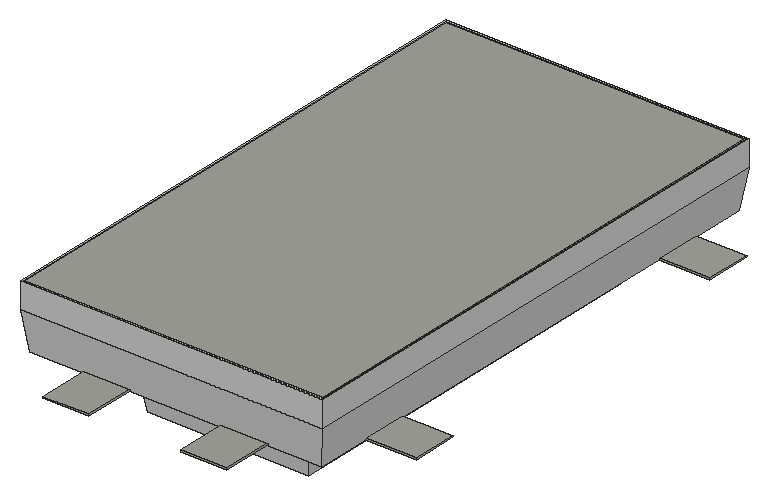
Revit family "ME_ST_WPB_Urbanfil_Pavermate_single_part_Access_Cover_ACO", category Mechanical Equipment, Revit 2023
Family settings
  Round Connector Dimension = Use Diameter
  Part Type = Normal
  OmniClass Number = 23.35.50.27.11.11
  OmniClass Title = Access Floors, Frames
  Work Plane-Based = Yes
  Always vertical = No
  Cut with Voids When Loaded = No
  Maintain Annotation Orientation = No
  Shared = Yes
  Room Calculation Point = No
Parameters (values of type "Pavermate_PM24B_200x450")
  y [instance] = frame_dimesion_D - 110 mm  # 220 mm
  x [instance] = frame_dimesion_C - 110 mm  # 470 mm
  type_index = 1
  solids_visible_2 [instance] = 1 = 1  # yes
  net_mass_S_ANZRS [instance] = if(LOD400, size_lookup(lookuptable_name, "ma", 0.00 kg, type_index, material_index), 0.00 kg)  # 13.00 kg
  material_index = size_lookup(lookuptable_name, "mi", 0, type_index)  # 1
  material_C_ANZRS = Steel, Carbon
  material_02_C_ANZRS = Concrete, Grey
  material_01_C_ANZRS = Steel, Galvanised
  Universal Lifting key [instance] = yes
  intended_use_C_ANZRS [instance] = if(region_index = 1, "Drainage systems", if(region_index = 2, "Entwässerungssysteme", if(region_index = 3, "Afvoersystemen", "0")))  # "Drainage systems"
  instructions_for_use = "https://www.acoaccess.com.au/products/urbanfil-pavermate-deep-pan-access-covers/"
  installation_manual = "https://www.acoaccess.com.au/products/urbanfil-pavermate-deep-pan-access-covers/"
  info_technical_C_ANZRS = "https://www.acoaccess.com.au/products/urbanfil-pavermate-deep-pan-access-covers/"
  info_commercial_C_ANZRS = "https://www.acoaccess.com.au/products/urbanfil-pavermate-deep-pan-access-covers/"
  height_C_ANZRS [instance] = size_lookup(lookuptable_name, "F", 0 mm, type_index, material_index)  # 70 mm
  height_01_C_ANZRS [instance] = size_lookup(lookuptable_name, "H", 0 mm, type_index, material_index)  # 135 mm
  description_C_ANZRS [instance] = if(LOD400, size_lookup(lookuptable_name, "di", "0", type_index, material_index), "Generic Access Cover")  # "ACO Pavermate Single Part 200x450 Cover (Type PM24B)"
  content_version_C_ANZRS = "1.0"  # constant formula
  content_date_changed_C_ANZRS = "11-07-2025"  # constant formula
  content_creator_C_ANZRS = "ACO Technology Centre, INDIA"  # constant formula
  code_specification_URL_C_ANZRS = "https://www.acoaccess.com.au/products/urbanfil-pavermate-deep-pan-access-covers/"
  code_article_C_ANZRS [instance] = if(LOD400, size_lookup(lookuptable_name, "", "0", type_index, material_index), "Generic Access Cover")  # "80151"
  URL = "https://www.acoaccess.com.au/"
  Type IFC Predefined Type = "USERDEFINED"
  frame_dimesion_D [instance] = size_lookup(lookuptable_name, "D", 0 mm, type_index, material_index)  # 330 mm
  frame_dimesion_C [instance] = size_lookup(lookuptable_name, "C", 0 mm, type_index, material_index)  # 580 mm
  product_index [instance] = size_lookup(lookuptable_name, "pi", 0, type_index, material_index)  # 1
  lookuptable_name = "urbanfil_pavermate"  # constant formula
  clear_area_B [instance] = size_lookup(lookuptable_name, "B", 0 mm, type_index, material_index)  # 450 mm
  Type Comments = "-"  # constant formula
  productrange = "Access Covers"  # constant formula
  region_index = 1  # constant formula
  desc_uk [instance] = if(LOD400, size_lookup(lookuptable_name, "di", "0", type_index, material_index), "Generic Access Cover")  # "ACO Pavermate Single Part 200x450 Cover (Type PM24B)"
  Model = if(LOD400, "Urbanfil- Pavermate (deep pan access covers)", "Generic Cover")  # "Urbanfil- Pavermate (deep pan access covers)"
  Manufacturer = if(LOD400, "ACO", "Generic")  # "ACO"
  Locking key [instance] = yes
  LOD400 = yes
  LOD300 = not(LOD400)  # no
  LOD = if(LOD400, "LOD 400", "LOD 300")  # "LOD 400"
  IfcDescription = Description  # "ACO Urbanfil- Pavermate (deep pan access covers)"
  Export Type to IFC As = "IfcBuildingElementProxy "
  Distance between two bars_C [instance] = frame_dimesion_C / 2  # 290 mm
  Distance between two bars_D [instance] = frame_dimesion_D / 2 - 30 mm  # 135 mm
  Description = if(LOD400, "ACO Urbanfil- Pavermate (deep pan access covers)", "Generic Cover")  # "ACO Urbanfil- Pavermate (deep pan access covers)"
  Default Elevation = 0 mm
  clear_area_A [instance] = size_lookup(lookuptable_name, "A", 0 mm, type_index, material_index)  # 200 mm
  Concrete anchors distance D [instance] = frame_dimesion_D + 100 mm  # 430 mm
  Concrete anchors distance C [instance] = frame_dimesion_C + 100 mm  # 680 mm
  12mm reinforcing bars [instance] = 12 mm  # constant formula
Types (12, lengths in mm): name | y | x | type_index | net_mass_S_ANZRS | description_C_ANZRS | code_article_C_ANZRS | frame_dimesion_D | frame_dimesion_C | product_index | clear_area_B | desc_uk | Distance between two bars_C | Distance between two bars_D | clear_area_A | Concrete anchors distance D | Concrete anchors distance C
  Pavermate_PM24B_200x450 | 220 | 470 | 1 | 13.00 kg | "ACO Pavermate Single Part 200x450 Cover (Type PM24B)" | "80151" | 330 | 580 | 1 | 450 | "ACO Pavermate Single Part 200x450 Cover (Type PM24B)" | 290 | 135 | 200 | 430 | 680
  Pavermate_PM33B_300x300 | 320 | 320 | 2 | 12.50 kg | "ACO Pavermate Single Part 300x300 Cover (Type PM33B)" | "81297" | 430 | 430 | 2 | 300 | "ACO Pavermate Single Part 300x300 Cover (Type PM33B)" | 215 | 185 | 300 | 530 | 530
  Pavermate_PM36B_300x600 | 320 | 620 | 3 | 16.00 kg | "ACO Pavermate Single Part 300x600 Cover (Type PM36B)" | "81340" | 430 | 730 | 3 | 600 | "ACO Pavermate Single Part 300x600 Cover (Type PM36B)" | 365 | 185 | 300 | 530 | 830
  Pavermate_PM365B_350x650 | 370 | 670 | 4 | 17.00 kg | "ACO Pavermate Single Part 300x650 Cover (Type PM365B)" | "80451" | 480 | 780 | 4 | 650 | "ACO Pavermate Single Part 300x650 Cover (Type PM365B)" | 390 | 210 | 350 | 580 | 880
  Pavermate_PM44B_450x450 | 470 | 470 | 5 | 17.00 kg | "ACO Pavermate Single Part 450x450 Cover (Type PM44B)" | "81305" | 580 | 580 | 5 | 450 | "ACO Pavermate Single Part 450x450 Cover (Type PM44B)" | 290 | 260 | 450 | 680 | 680
  Pavermate_PM46B_450x600 | 470 | 620 | 6 | 18.90 kg | "ACO Pavermate Single Part 450x600 Cover (Type PM46B)" | "81312" | 580 | 730 | 6 | 600 | "ACO Pavermate Single Part 450x600 Cover (Type PM46B)" | 365 | 260 | 450 | 680 | 830
  Pavermate_PM66B_600x600 | 620 | 620 | 7 | 21.90 kg | "ACO Pavermate Single Part 600x600 Cover (Type PM66B)" | "81948" | 730 | 730 | 7 | 600 | "ACO Pavermate Single Part 600x600 Cover (Type PM66B)" | 365 | 335 | 600 | 830 | 830
  Pavermate_PM67B_600x750 | 620 | 770 | 8 | 25.40 kg | "ACO Pavermate Single Part 600x750 Cover (Type PM67B)" | "81353" | 730 | 880 | 8 | 750 | "ACO Pavermate Single Part 600x750 Cover (Type PM67B)" | 440 | 335 | 600 | 830 | 980
  Pavermate_PM69B_600x900 | 620 | 920 | 9 | 28.30 kg | "ACO Pavermate Single Part 600x900 Cover (Type PM69B)" | "81364" | 730 | 1030 | 9 | 900 | "ACO Pavermate Single Part 600x900 Cover (Type PM69B)" | 515 | 335 | 600 | 830 | 1130
  Pavermate_PM77B_750x750 | 770 | 770 | 10 | 28.90 kg | "ACO Pavermate Single Part 750x750 Cover (Type PM77B)" | "81372" | 880 | 880 | 10 | 750 | "ACO Pavermate Single Part 750x750 Cover (Type PM77B)" | 440 | 410 | 750 | 980 | 980
  Pavermate_PM94B_900x450 | 920 | 470 | 11 | 25.50 kg | "ACO Pavermate Single Part 900x450 Cover (Type PM94B)" | "81338" | 1030 | 580 | 11 | 450 | "ACO Pavermate Single Part 900x450 Cover (Type PM94B)" | 290 | 485 | 900 | 1130 | 680
  Pavermate_PM99B_900x900 | 920 | 920 | 12 | 36.00 kg | "ACO Pavermate Single Part 900x900 Cover (Type PM99B)" | "81992" | 1030 | 1030 | 12 | 900 | "ACO Pavermate Single Part 900x900 Cover (Type PM99B)" | 515 | 485 | 900 | 1130 | 1130
Reference planes
  plane 1 "Center (Front/Back)": y = 0
  plane 2: z = 0
  plane 3 "Center (Left/Right)": x = 0
  plane 4 "perforated_218": z = 0
  plane 5: z = -5
  plane 6: z = -70
  plane 7: y = 200
  plane 8: y = -200
  plane 9: x = -165
  plane 10: x = 165
  plane 11: y = 290
  plane 12: y = -290
  plane 13: x = -100
  plane 14: x = 100
  plane 15: y = 225
  plane 16: y = -225
  plane 17: x = -215
  plane 18: y = -340
  plane 19: x = 215
  plane 20: y = 340
  plane 21: z = -100
  plane 22: z = -58.797
  plane 23: y = -145
  plane 24: y = 145
  plane 25: z = -112
Forms (mm)
  Extrusion 1, solid, material "Concrete, Grey" <- "material_02_C_ANZRS"
    sketch origin (-1351.99, -1524, -70) x (-1, 0, 0) y (0, -1, 0)
      loop
        line (-1251.99, -1258) -> (-1251.99, -1184) -> (-1301.99, -1184) -> (-1301.99, -1258) -> (-1251.99, -1258)
      loop
        line (-1451.99, -1184) -> (-1451.99, -1258) -> (-1401.99, -1258) -> (-1401.99, -1184) -> (-1451.99, -1184)
      loop
        line (-1251.99, -1864) -> (-1251.99, -1790) -> (-1301.99, -1790) -> (-1301.99, -1864) -> (-1251.99, -1864)
      loop
        line (-1451.99, -1864) -> (-1401.99, -1864) -> (-1401.99, -1790) -> (-1451.99, -1790) -> (-1451.99, -1864)
      loop
        line (-1136.99, -1749) -> (-1136.99, -1699) -> (-1214.99, -1699) -> (-1214.99, -1749) -> (-1136.99, -1749)
      loop
        line (-1136.99, -1349) -> (-1136.99, -1299) -> (-1214.99, -1299) -> (-1214.99, -1349) -> (-1136.99, -1349)
      loop
        line (-1566.99, -1349) -> (-1488.99, -1349) -> (-1488.99, -1299) -> (-1566.99, -1299) -> (-1566.99, -1349)
      loop
        line (-1566.99, -1749) -> (-1488.99, -1749) -> (-1488.99, -1699) -> (-1566.99, -1699) -> (-1566.99, -1749)
    from 0.466 to 2
  Extrusion 2, solid, material "Steel, Carbon" <- "material_C_ANZRS"
    sketch origin (0, 0, 0) x (1, 0, 0) y (0, 0, 1)
      loop
        circle (-67.5, -100) r 6
      loop
        circle (67.5, -100) r 6
    from -211.151 to 211.151
  Extrusion 3, solid, material "Steel, Carbon" <- "material_C_ANZRS"
    sketch origin (100, -1524, 2214.315) x (0, 0, 1) y (0, -1, 0)
      loop
        circle (-2326.315, -1379) r 6
      loop
        circle (-2326.315, -1669) r 6
    from -186.151 to -13.849
Dimensions and locks
  locked: level to plane 5 at 5
  "height_C_ANZRS": level to plane 6
  "height_01_C_ANZRS": level to nested 1
  equal spacing: plane 9, plane 3 "Center (Left/Right)", plane 10
  "frame_dimesion_D": plane 9 to plane 10
  equal spacing: plane 12, plane 1 "Center (Front/Back)", plane 11
  "frame_dimesion_C": plane 12 to plane 11
  equal spacing: plane 14, plane 3 "Center (Left/Right)", plane 13
  "clear_area_A": plane 14 to plane 13
  equal spacing: plane 15, plane 1 "Center (Front/Back)", plane 16
  "clear_area_B": plane 15 to plane 16
  locked: Extrusion 1 sketch curve to Extrusion 1 sketch curve at 50
  locked: plane 13 to Extrusion 1 sketch curve at 50  (x2)
  locked: Extrusion 1 sketch curve to plane 14 at 50  (x2)
  locked: Extrusion 1 sketch curve to plane 15 at 50
  locked: Extrusion 1 sketch curve to plane 16 at 50
  locked: plane 16 to Extrusion 1 sketch curve at 50
  equal spacing: plane 17, plane 3 "Center (Left/Right)", plane 19
  "Concrete anchors distance D": plane 17 to plane 19
  equal spacing: plane 20, plane 1 "Center (Front/Back)", plane 18
  "Concrete anchors distance C": plane 20 to plane 18
  locked: level to plane 21 at 100
  equal spacing: Extrusion 2 sketch curve, nested 2, Extrusion 2 sketch curve
  "Distance between two bars_D": Extrusion 2 sketch curve to Extrusion 2 sketch curve
  equal spacing: plane 23, plane 1 "Center (Front/Back)", plane 24
  "Distance between two bars_C": plane 23 to plane 24
  plane 23 to plane 1 "Center (Front/Back)" = 145 mm
  locked: Extrusion 2 to plane 11 at 78.849
  locked: plane 12 to Extrusion 2 at 78.849
  locked: plane 21 to plane 25 at 12
  locked: Extrusion 3 to plane 10 at 78.849
  locked: plane 9 to Extrusion 3 at 78.849
  "12mm reinforcing bars": diameter of Extrusion 2 sketch curve  (x2)
  "12mm reinforcing bars": diameter of Extrusion 3 sketch curve  (x2)
  aligned and locked: level to plane 2
  aligned and locked: nested 1 to plane 1 "Center (Front/Back)"
  aligned and locked: plane 3 "Center (Left/Right)" to nested 2
  aligned and locked: plane 1 "Center (Front/Back)" to nested 2
  aligned and locked: Extrusion 1 sketch curve to nested 2  (x7)
  aligned and locked: plane 18 to Extrusion 1 sketch curve  (x2)
  aligned and locked: Extrusion 1 sketch curve to plane 14
  aligned and locked: plane 13 to Extrusion 1 sketch curve
  aligned and locked: Extrusion 1 sketch curve to Extrusion 1 sketch curve
  aligned and locked: plane 15 to Extrusion 1 sketch curve
  aligned and locked: nested 2 to Extrusion 1 sketch curve  (x4)
  aligned and locked: Extrusion 1 sketch curve to plane 15
  aligned and locked: plane 17 to Extrusion 1 sketch curve  (x2)
  aligned and locked: plane 19 to Extrusion 1 sketch curve  (x2)
  aligned and locked: Extrusion 1 sketch curve to plane 20
  aligned and locked: Extrusion 1 to nested 2
  aligned and locked: plane 21 to Extrusion 2 sketch curve  (x2)
  aligned and locked: plane 25 to Extrusion 3 sketch curve  (x2)
  aligned and locked: plane 24 to Extrusion 3 sketch curve
  aligned and locked: plane 23 to Extrusion 3 sketch curve
Automatic sketch dimensions
  Extrusion 1 sketch curve to plane 14 = 0 mm
Nested families
  nested 1: "ZZZ_do_not_use_ME_ST_WPB_frame_Pavermate_single_part_ACO" at (0, 0, 0) x (-1, 0, 0) z (0, 0, 1), solids_visible_2 <- "solids_visible_2", Width-BP-P1 <- "frame_dimesion_D", Length-BP-P1 <- "frame_dimesion_C", type_index <- "type_index", visible <- "solids_visible_2", material_01_C_ANZRS <- "material_01_C_ANZRS", type "std(nested)"
    with type_index 1, solids_visible_2 yes, material_01_C_ANZRS Steel, Galvanised, Width-BP-P1 330 mm, Length-BP-P1 580 mm, Height-BP-P1 135 mm
  nested 2: "ZZZ_do_not_use_ME_ST_WPB_Pavermate_single_part_ACO" at (0, 0, 0), A <- "clear_area_A", D <- "frame_dimesion_D", B <- "clear_area_B", C <- "frame_dimesion_C", height_C_ANZRS <- "height_C_ANZRS", material_01_C_ANZRS <- "material_01_C_ANZRS", material_02_C_ANZRS <- "material_02_C_ANZRS", type "std(nested)"
    with material_index 1, material_02_C_ANZRS Concrete, Grey, material_01_C_ANZRS Steel, Galvanised, height_C_ANZRS 70 mm, D 330 mm, C 580 mm, B 450 mm, A 200 mm
  nested 3: "Universal_lifting_key_ACO" at (-7.5, -15, -22.5), visible <- "Universal Lifting key", universal lifting key <- "Universal Lifting key", type "Universal_lifting_key_ACO"
    with universal lifting key yes, description_C_ANZRS "ACO Universal lifting key", content_date_changed_C_ANZRS "11-07-2025", content_creator_C_ANZRS "ACO Technology Centre, INDIA", code_article_C_ANZRS "84306", Product range "Acccess covers"
  nested 4: "Urbanfil_Pavermate_locking_key_ACO" at (35, -5, -22.5), visible <- "Locking key", locking key <- "Locking key", type "Urbanfil_Pavermate_locking_key_ACO"
    with locking key yes, description_C_ANZRS "ACO allen locking key", content_date_changed_C_ANZRS "11-07-2025", content_creator_C_ANZRS "ACO Technology Centre, INDIA", code_article_C_ANZRS "84313", Product range "Acccess covers"
Definition of nested family "ZZZ_do_not_use_ME_ST_WPB_frame_Pavermate_single_part_ACO"
  Parameters (values of type "std(nested)")
    type_index [instance] = 2
    ref2 = 55 mm
    ref1 = 2 mm
    ref = 65 mm
    material_01_C_ANZRS [instance] = none
    Width-BP-P1 [instance] = 800 mm
    solids_visible_2 [instance] = yes
    Length-BP-P1 [instance] = 500 mm
    Height-BP-P1 [instance] = 135 mm  # constant formula
    Default Elevation = 1219.2 mm
  Reference planes
    plane 1 "Center (Front/Back)": y = 0
    plane 2: z = 0
    plane 3 "Center (Left/Right)": x = 0
    plane 4: y = 250
    plane 5: y = -250
    plane 6: x = -400
    plane 7: x = 400
    plane 8: z = -65
    plane 9: z = -135
  Forms (mm)
    Sweep 1, solid, material <- "material_01_C_ANZRS", visible <- "solids_visible_2"
      path origin (0, 0, 0) x (1, 0, 0) y (0, 1, 0)
        loop
          line (-400, 250) -> (-400, -250) -> (400, -250) -> (400, 250) -> (-400, 250)
      profile origin (0, 250, 0) x (0, 1, 0) y (0, 0, 1)
        loop
          line (-55, -65) -> (-68, -65) -> (-78.849, -133.5) -> (-142.833, -133.5) -> (-142.833, -135) -> (-77.062, -135) -> (-66.292, -67) -> (-55, -67) -> (-55, -65)
    Extrusion 2, solid, material <- "material_01_C_ANZRS", visible <- "solids_visible_2"
      sketch origin (0, 0, 0) x (1, 0, 0) y (0, 1, 0)
        loop
          line (-257.167, 107.167) -> (-257.167, -107.167) -> (257.167, -107.167) -> (257.167, 107.167) -> (-257.167, 107.167)
      from -135 to -133.5
  Cuts and joins
    joined: Sweep 1, Extrusion 2
  Dimensions and locks
    equal spacing: plane 6, plane 3 "Center (Left/Right)", plane 7
    "Width-BP-P1": plane 6 to plane 7
    equal spacing: plane 4, plane 1 "Center (Front/Back)", plane 5
    "Length-BP-P1": plane 4 to plane 5
    "ref": level to plane 8
    "Height-BP-P1": plane 2 to plane 9
    locked: Sweep 1 sketch curve to plane 9 at 1.5
    "ref2": profile plane to Sweep 1 sketch curve
    locked: plane 4 to Sweep 1 sketch curve at 68
    "ref1": Sweep 1 sketch curve to Sweep 1 sketch curve
    locked: Sweep 1 sketch curve to Sweep 1 sketch curve at 2
    angle Sweep 1 sketch curve to Sweep 1 sketch curve = 81.00°
    locked: Sweep 1 sketch curve to Sweep 1 sketch curve (angle 90.00°)
    aligned and locked: level to plane 2
    aligned and locked: Sweep 1 sketch curve to plane 4
    aligned and locked: plane 6 to Sweep 1 sketch curve
    aligned and locked: plane 5 to Sweep 1 sketch curve
    aligned and locked: Sweep 1 sketch curve to plane 7
    aligned and locked: plane 9 to Sweep 1 sketch curve
    aligned and locked: Sweep 1 sketch curve to plane 8
    aligned and locked: Extrusion 2 sketch curve to Sweep 1  (x4)
    aligned and locked: Sweep 1 to Extrusion 2  (x2)
  Automatic sketch dimensions
    Sweep 1 sketch curve to Sweep 1 sketch curve = 63.984 mm
Definition of nested family "ZZZ_do_not_use_ME_ST_WPB_Pavermate_single_part_ACO"
  Parameters (values of type "std(nested)")
    material_index [instance] = 1  # constant formula
    material_02_C_ANZRS [instance] = none
    material_01_C_ANZRS [instance] = none
    height_C_ANZRS [instance] = 82.5 mm
    D [instance] = 1110 mm
    C [instance] = 1110 mm
    B [instance] = 1000 mm
    Type Comments = "-"  # constant formula
    productrange = "Access Covers"  # constant formula
    region_index = 1  # constant formula
    Model = if(LOD400, "Access Covers SOLID GS", "Generic Covers")  # "Access Covers SOLID GS"
    Manufacturer = if(LOD400, "ACO", "Generic")  # "ACO"
    LOD400 = yes
    LOD300 = not(LOD400)  # no
    LOD = if(LOD400, "LOD 400", "LOD 300")  # "LOD 400"
    IfcExportType = "USERDEFINED"  # constant formula
    IfcExportAs = "IfcWasteTerminalType"  # constant formula
    IfcDescription = Description  # "ACO Access Cover SOLID GS"
    Description = if(LOD400, "ACO Access Cover SOLID GS", "Generic Cover")  # "ACO Access Cover SOLID GS"
    Default Elevation = 0 mm
    A [instance] = 1000 mm
  Reference planes
    plane 1 "Center (Front/Back)": y = 0
    plane 2: z = 0
    plane 3 "Center (Left/Right)": x = 0
    plane 4 "perforated_218": z = 0
    plane 5: z = -5
    plane 6: z = -82.5
    plane 7: x = -555
    plane 8: x = 555
    plane 9: y = 555
    plane 10: y = -555
    plane 11: y = -150
    plane 12: y = 150
    plane 13: y = 500
    plane 14: z = -70
    plane 15: x = 500
    plane 16: x = -500
    plane 17: y = 500
    plane 18: y = -500
    plane 19: x = -527
    plane 20: x = 527
    plane 21: y = -531
    plane 22: y = 531
    plane 23: x = -552.961
  Forms (mm)
    Sweep 1, solid, material <- "material_01_C_ANZRS"
      path origin (0, 0, 0) x (1, 0, 0) y (0, 1, 0)
        loop
          line (-555, 555) -> (-555, -555) -> (555, -555) -> (555, 555) -> (-555, 555)
      profile origin (0, 555, 0) x (0, 1, 0) y (0, 0, 1)
        loop
          line (-0.039, -40.777) -> (-0.039, 0) -> (-2.039, 0) -> (-2.039, -40.637) -> (-7.641, -80.5) -> (-50.188, -80.5) -> (-55, -80.5) -> (-55, -82.5) -> (-47.738, -82.5) -> (-31.451, -82.5) -> (-5.903, -82.5) -> (-0.039, -40.777)
    Extrusion 2, solid, material <- "material_02_C_ANZRS"
      sketch origin (0, 0, 0) x (1, 0, 0) y (0, 1, 0)
        loop
          line (-552.961, 552.961) -> (-552.961, -552.961) -> (552.961, -552.961) -> (552.961, 552.961) -> (-552.961, 552.961)
      from -5 to 0
  Lines and regions (mm)
    model lines
      curve 1: line (-552.961, 552.961, 0) -> (-500, 552.961, 0)
      curve 2: line (-552.961, 500, 0) -> (-552.961, 552.961, 0)
      curve 3: line (-500, 500, 0) -> (-552.961, 500, 0)
      curve 4: line (-500, 552.961, 0) -> (-500, 500, 0)
      curve 5: circle (-527, 531, 0) r 12 normal (0, 0, 1)
      curve 6: line (500, 552.961, 0) -> (552.961, 552.961, 0)
      curve 7: line (500, 500, 0) -> (500, 552.961, 0)
      curve 8: line (552.961, 500, 0) -> (500, 500, 0)
      curve 9: line (552.961, 552.961, 0) -> (552.961, 500, 0)
      curve 10: circle (527, 531, 0) r 12 normal (0, 0, 1)
      curve 11: line (-552.961, -500, 0) -> (-500, -500, 0)
      curve 12: line (-552.961, -552.961, 0) -> (-552.961, -500, 0)
      curve 13: line (-500, -552.961, 0) -> (-552.961, -552.961, 0)
      curve 14: line (-500, -500, 0) -> (-500, -552.961, 0)
      curve 15: circle (-527, -531, 0) r 12 normal (0, 0, 1)
      curve 16: line (500, -500, 0) -> (552.961, -500, 0)
      curve 17: line (500, -552.961, 0) -> (500, -500, 0)
      curve 18: line (552.961, -552.961, 0) -> (500, -552.961, 0)
      curve 19: line (552.961, -500, 0) -> (552.961, -552.961, 0)
      curve 20: circle (527, -531, 0) r 12 normal (0, 0, 1)
  Dimensions and locks
    locked: level to plane 5 at 5
    "height_C_ANZRS": level to plane 6
    equal spacing: plane 7, plane 3 "Center (Left/Right)", plane 8
    equal spacing: plane 10, plane 1 "Center (Front/Back)", plane 9
    "C": plane 10 to plane 9
    "D": plane 7 to plane 8
    locked: Sweep 1 sketch curve to Sweep 1 sketch curve at 2
    locked: plane 9 to plane 13 at 55
    equal spacing: plane 16, plane 3 "Center (Left/Right)", plane 15
    "A": plane 16 to plane 15
    equal spacing: plane 18, plane 1 "Center (Front/Back)", plane 17
    "B": plane 18 to plane 17
    locked: profile plane to plane 6 at 82.5
    locked: Sweep 1 to plane 9 at 2.039
    locked: plane 10 to Sweep 1 at 2.039  (x2)
    locked: Extrusion 2 sketch curve to plane 8 at 2.039
    locked: plane 7 to plane 19 at 28
    locked: plane 20 to plane 8 at 28
    locked: plane 10 to plane 21 at 24
    locked: plane 22 to plane 9 at 24
    locked: plane 7 to plane 23 at 2.039
    locked: Sweep 1 sketch curve to plane 6 at 2
    locked: Sweep 1 sketch curve to Sweep 1 sketch curve at 2.005
    Sweep 1 sketch curve to Sweep 1 sketch curve = 2.005 mm
    locked: Sweep 1 sketch curve to Sweep 1 sketch curve at 2.65
    aligned and locked: level to plane 2
    aligned and locked: plane 9 to Sweep 1 sketch curve
    aligned and locked: plane 7 to Sweep 1 sketch curve
    aligned and locked: Sweep 1 sketch curve to plane 10
    aligned and locked: Sweep 1 sketch curve to plane 8
    aligned and locked: Extrusion 2 to plane 5
    aligned and locked: level to Extrusion 2
    aligned and locked: Sweep 1 sketch curve to profile plane
    aligned and locked: curve 1 to Sweep 1
    aligned and locked: Sweep 1 to curve 2
    aligned and locked: curve 3 to plane 17
    aligned and locked: curve 4 to plane 16
    aligned and locked: plane 19 to curve 5
    aligned and locked: plane 22 to curve 5
    aligned and locked: Sweep 1 to curve 6
    aligned and locked: plane 15 to curve 7
    aligned and locked: curve 8 to plane 17
    aligned and locked: plane 20 to curve 10
    aligned and locked: plane 22 to curve 10
    aligned and locked: plane 18 to curve 11
    aligned and locked: Sweep 1 to curve 13
    aligned and locked: curve 14 to plane 16
    aligned and locked: plane 19 to curve 15
    aligned and locked: plane 21 to curve 15
    aligned and locked: plane 18 to curve 16
    aligned and locked: plane 15 to curve 17
    aligned and locked: Sweep 1 to curve 18
    aligned and locked: plane 20 to curve 20
    aligned and locked: plane 21 to curve 20
    aligned and locked: Sweep 1 to Extrusion 2 sketch curve
    aligned and locked: Extrusion 2 sketch curve to Sweep 1  (x2)
    aligned and locked: Sweep 1 sketch curve to plane 13
    aligned and locked: Sweep 1 sketch curve to plane 6
    aligned and locked: curve 19 to Extrusion 2
  Automatic sketch dimensions
    plane 7 to curve 13 = 2.039 mm
    plane 13 to Sweep 1 sketch curve = 4.812 mm
    Sweep 1 sketch curve to Sweep 1 sketch curve = 2.451 mm
    Sweep 1 sketch curve to Sweep 1 sketch curve = 16.286 mm
    profile plane to Sweep 1 sketch curve = 7.641 mm
    profile plane to Sweep 1 sketch curve = 2.039 mm
    Sweep 1 sketch curve to Sweep 1 sketch curve = 39.863 mm
    curve 9 to plane 8 = 2.039 mm
    radius of curve 5 = 12 mm
    radius of curve 10 = 12 mm
    radius of curve 15 = 12 mm
    radius of curve 20 = 12 mm
Definition of nested family "Universal_lifting_key_ACO"
  Parameters (values of type "Universal_lifting_key_ACO")
    universal lifting key [instance] = yes
    description_C_ANZRS [instance] = "ACO Universal lifting key"  # constant formula
    content_date_changed_C_ANZRS [instance] = "11-07-2025"  # constant formula
    content_creator_C_ANZRS [instance] = "ACO Technology Centre, INDIA"  # constant formula
    code_article_C_ANZRS [instance] = "84306"  # constant formula
    URL = "https://www.acoaccess.com.au/"
    Product range [instance] = "Acccess covers"  # constant formula
    Model = "Universal lifting key"  # constant formula
    Manufacturer = "ACO"  # constant formula
    Description = "Universal lifting key"  # constant formula
    Default Elevation = 0 mm
  Reference planes
    plane 1 "Center (Front/Back)": y = 0
    plane 2: z = 0
    plane 3 "Center (Left/Right)": x = 0
  Lines and regions (mm)
    model lines, visible <- "universal lifting key"
      curve 1: line (-18.296, 15, 0) -> (20.006, -17.139, 0)
      curve 2: line (-21.257, -16.749, 0) -> (17.6, 14.717, 0)
  Dimensions and locks
    locked: curve 2 to curve 2 at 50
    locked: curve 1 to curve 1 at 50
    aligned and locked: level to plane 2
Definition of nested family "Urbanfil_Pavermate_locking_key_ACO"
  Parameters (values of type "Urbanfil_Pavermate_locking_key_ACO")
    locking key [instance] = yes
    description_C_ANZRS [instance] = "ACO allen locking key"  # constant formula
    content_date_changed_C_ANZRS [instance] = "11-07-2025"  # constant formula
    content_creator_C_ANZRS [instance] = "ACO Technology Centre, INDIA"  # constant formula
    code_article_C_ANZRS [instance] = "84313"  # constant formula
    URL = "https://www.acoaccess.com.au/"
    Product range [instance] = "Acccess covers"  # constant formula
    Model = "allen locking key"  # constant formula
    Manufacturer = "ACO"  # constant formula
    Description = "allen locking key"  # constant formula
    Default Elevation = 0 mm
  Reference planes
    plane 1 "Center (Front/Back)": y = 0
    plane 2: z = 0
    plane 3 "Center (Left/Right)": x = 0
  Lines and regions (mm)
    model lines, visible <- "locking key"
      curve 1: line (-18.296, 15, 0) -> (20.006, -17.139, 0)
      curve 2: line (-21.257, -16.749, 0) -> (17.6, 14.717, 0)
  Dimensions and locks
    locked: curve 2 to curve 2 at 50
    locked: curve 1 to curve 1 at 50
    aligned and locked: level to plane 2
